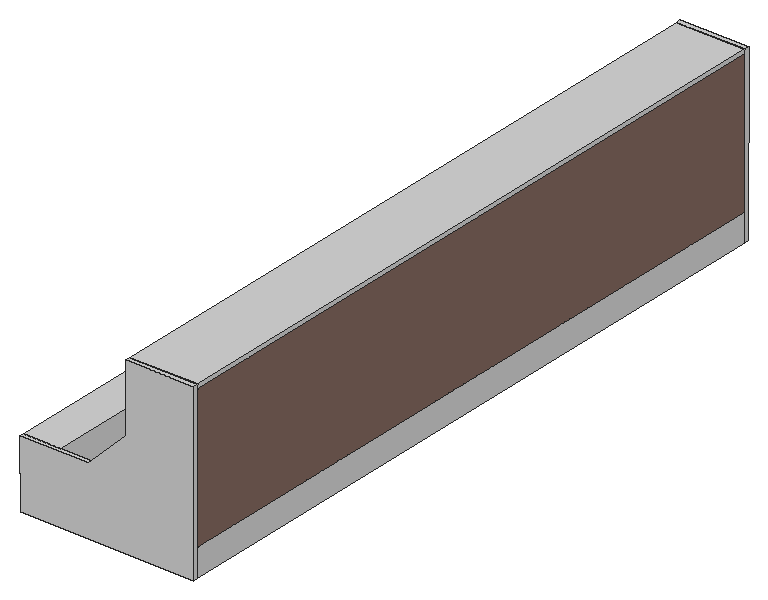
Revit family "MF_INSIDE CORNER 4'_1904143", category Generic Models, Revit 2018
Family settings
  Can host rebar = No
  Round Connector Dimension = Use Diameter
  Part Type = Normal
  OmniClass Number = 35.51.14.00
  OmniClass Title = FORMWORK
  Work Plane-Based = Yes
  Always vertical = No
  Cut with Voids When Loaded = No
  Shared = Yes
  Room Calculation Point = No
Parameters
  VERSION = "20190101"  # constant formula
  URL = "www.ulmaconstruction.com/en"
  UNICLASS = ""
  ITEM_CODE = "1904143"
  Manufacturer = "ULMA CONSTRUCTION"  # constant formula
  FILTER [instance] = ""
  Default Elevation = 0"
  CLASSIFICATION_TITLE = ""
  CLASSIFICATION_NUMBER = ""
Reference planes (in)
  plane 1 "Centro (Frontal/Posterior)": y = 0
  plane 2: z = 0
  plane 3 "Centro (Izquierda/Derecha)": x = 0
  plane 4 "ITEM_HEIGHT": y = 48
Forms (in)
  Extrusion 1, solid, material "ULMA ZINC", detail levels fine
    sketch origin (0, 0, 0) x (1, 0, 0) y (0, 0, 1)
      loop
        line (-4.72435, 12.03937) -> (-4.72435, 9.48036) -> (-2.3217, 9.48036)
        arc (-2.3217, 9.48036) -> (-2.19128, 9.51962) -> (-2.10421, 9.62434) r 0.23626
        line (-2.10421, 9.62434) -> (-1.98199, 9.9124)
        arc (-1.98199, 9.9124) -> (-1.94565, 9.95611) -> (-1.89123, 9.97249) r 0.09859
        line (-1.89123, 9.97249) -> (-1.27952, 9.97249)
        arc (-1.27952, 9.97249) -> (-1.20993, 9.94366) -> (-1.1811, 9.87406) r 0.09843
        line (-1.1811, 9.87406) -> (-1.1811, 9.61816)
        arc (-1.1811, 9.61816) -> (-1.14074, 9.52072) -> (-1.0433, 9.48036) r 0.1378
        line (-1.0433, 9.48036) -> (-0.7874, 9.48036) -> (-0.7874, 11.72966) -> (0, 11.72966) -> (0, 12.03937) -> (-4.72435, 12.03937)
    from -47.68504 to -0.31496
  Extrusion 2, solid, material "ULMA ZINC", detail levels fine
    sketch origin (0, 0, 0) x (0, 0, -1) y (1, 0, 0)
      loop
        line (-4.72435, -12.03937) -> (0, -12.03937) -> (0, -11.72966) -> (-0.7874, -11.72966) -> (-0.7874, -9.48036) -> (-1.0433, -9.48036)
        arc (-1.0433, -9.48036) -> (-1.14074, -9.52072) -> (-1.1811, -9.61816) r 0.1378
        line (-1.1811, -9.61816) -> (-1.1811, -9.87406)
        arc (-1.1811, -9.87406) -> (-1.20993, -9.94366) -> (-1.27952, -9.97249) r 0.09843
        line (-1.27952, -9.97249) -> (-1.89123, -9.97249)
        arc (-1.89123, -9.97249) -> (-1.94565, -9.95611) -> (-1.98199, -9.9124) r 0.09859
        line (-1.98199, -9.9124) -> (-2.10421, -9.62434)
        arc (-2.10421, -9.62434) -> (-2.19128, -9.51962) -> (-2.3217, -9.48036) r 0.23626
        line (-2.3217, -9.48036) -> (-4.72435, -9.48036) -> (-4.72435, -12.03937)
    from -47.68504 to -0.31496
  Extrusion 3, solid, material "ULMA ZINC", detail levels fine
    sketch origin (-28.44404, 13.1811, -5.83792) x (1, 0, 0) y (0, 0, 1)
      loop
        line (23.71963, 10.56227) -> (18.96368, 10.56227) -> (18.96368, 6.62526) -> (25.49127, 6.62526) -> (25.49127, 6.74343) -> (26.81801, 6.74343) -> (26.81801, 7.4639) -> (27.53853, 7.4639) -> (27.53853, 8.79068) -> (27.65664, 8.79068) -> (27.65664, 15.31828) -> (23.71963, 15.31828) -> (23.71963, 10.56227)
    from 0 to 2.3622
  Extrusion 4, solid, material "ULMA ZINC", detail levels fine
    sketch origin (-28.44404, 25.1811, -5.83792) x (1, 0, 0) y (0, 0, 1)
      loop
        line (23.71963, 10.56227) -> (18.96368, 10.56227) -> (18.96368, 6.62526) -> (25.49127, 6.62526) -> (25.49127, 6.74343) -> (26.81801, 6.74343) -> (26.81801, 7.4639) -> (27.53853, 7.4639) -> (27.53853, 8.79068) -> (27.65664, 8.79068) -> (27.65664, 15.31828) -> (23.71963, 15.31828) -> (23.71963, 10.56227)
    from 0 to 2.3622
  Extrusion 5, solid, material "ULMA ZINC", detail levels fine
    sketch origin (-28.44404, 37.1811, -5.83792) x (1, 0, 0) y (0, 0, 1)
      loop
        line (23.71963, 10.56227) -> (18.96368, 10.56227) -> (18.96368, 6.62526) -> (25.49127, 6.62526) -> (25.49127, 6.74343) -> (26.81801, 6.74343) -> (26.81801, 7.4639) -> (27.53853, 7.4639) -> (27.53853, 8.79068) -> (27.65664, 8.79068) -> (27.65664, 15.31828) -> (23.71963, 15.31828) -> (23.71963, 10.56227)
    from 0 to 2.3622
  Extrusion 6, solid, material "ULMA ZINC", detail levels fine
    sketch origin (0, 0, 0) x (1, 0, 0) y (0, 0, 1)
      loop
        line (0, 1.95053) -> (-0.7874, 1.95053) -> (-0.7874, 2.95276) -> (-0.90551, 2.95276) -> (-0.90551, 1.83242) -> (-0.11811, 1.83242) -> (-0.11811, 0.11811) -> (-1.83317, 0.11811) -> (-1.83317, 0.90551) -> (-2.95276, 0.90551) -> (-2.95276, 0.7874) -> (-1.95128, 0.7874) -> (-1.95128, 0) -> (0, 0) -> (0, 1.95053)
    from -47.68504 to -0.31496
  Extrusion 7, solid, material "ULMA ZINC", detail levels fine
    sketch origin (0, 0, 0) x (1, 0, 0) y (0, 0, 1)
      loop
        line (0, 12.03937) -> (-4.72441, 12.03937) -> (-4.72441, 7.31496) -> (-7.31502, 4.72435) -> (-12.03937, 4.72435) -> (-12.03937, 0) -> (0, 0) -> (0, 12.03937)
    from 0 to -0.31496
  Extrusion 8, solid, material "ULMA ZINC", detail levels fine
    sketch origin (0, 47.68504, 0) x (1, 0, 0) y (0, 0, 1)
      loop
        line (0, 12.03937) -> (-4.72441, 12.03937) -> (-4.72441, 7.31496) -> (-7.31502, 4.72435) -> (-12.03937, 4.72435) -> (-12.03937, 0) -> (0, 0) -> (0, 12.03937)
    from 0 to -0.31496
  Extrusion 9, solid, material "ULMA PLYWOOD", detail levels fine
    sketch origin (0, 0, 0) x (0, 1, 0) y (0, 0, 1)
      loop
        line (0.31496, 11.72966) -> (0.31496, 1.95053) -> (47.68504, 1.95053) -> (47.68504, 11.72966) -> (0.31496, 11.72966)
    from 0 to -0.7874
  Extrusion 10, solid, material "ULMA PLYWOOD", detail levels fine
    sketch origin (-13.68094, 0, 0.7874) x (1, 0, 0) y (0, 1, 0)
      loop
        line (11.72966, 0.31496) -> (11.72966, 47.68504) -> (1.95053, 47.68504) -> (1.95053, 0.31496) -> (11.72966, 0.31496)
    from 0 to -0.7874
  Extrusion 11, solid, material "ULMA ZINC", detail levels coarse+medium
    sketch origin (0, 0, 0) x (1, 0, 0) y (0, 0, 1)
      loop
        line (-12.03937, 0) -> (0, 0) -> (0, 12.03937) -> (-4.72441, 12.03937) -> (-4.72441, 4.72435) -> (-12.03937, 4.72435) -> (-12.03937, 0)
    from 0 to -47.68504
  Extrusion 12, solid, material "ULMA ZINC", detail levels fine
    sketch origin (0, -90, 0) x (1, 0, 0) y (0, 1, 0)
      loop
        circle (-3.03931, 105) r 0.74803
    from 9.16539 to 9.48036
  Extrusion 13, solid, material "ULMA ZINC", detail levels fine
    sketch origin (-0.00006, -72, 0) x (1, 0, 0) y (0, 1, 0)
      loop
        circle (-3.03931, 105) r 0.74803
    from 9.16539 to 9.48036
  Extrusion 14, solid, material "ULMA ZINC", detail levels fine
    sketch origin (0, -48, 0) x (0, 1, 0) y (0, 0, 1)
      loop
        circle (81, 3.03937) r 0.74803
    from -9.48036 to -9.16535
  Extrusion 15, solid, material "ULMA ZINC", detail levels fine
    sketch origin (0, -66, 0) x (0, 1, 0) y (0, 0, 1)
      loop
        circle (81, 3.03937) r 0.74803
    from -9.48036 to -9.16535
  Extrusion 16, solid, material "ULMA ZINC", detail levels fine
    sketch origin (0, 0, 0) x (1, 0, 0) y (0, 1, 0)
      loop
        line (-1.77165, 1.29921) -> (-1.77165, 0.31496) -> (-0.7874, 0.31496) -> (-0.7874, 1.29921) -> (-1.77165, 1.29921)
    from 2.95276 to 9.48036
  Extrusion 17, solid, material "ULMA ZINC", detail levels fine
    sketch origin (0, 46.38583, 0) x (1, 0, 0) y (0, 1, 0)
      loop
        line (-1.77165, 1.29921) -> (-1.77165, 0.31496) -> (-0.7874, 0.31496) -> (-0.7874, 1.29921) -> (-1.77165, 1.29921)
    from 2.95276 to 9.48036
  Extrusion 18, solid, material "ULMA ZINC", detail levels fine
    sketch origin (0, 0, 0) x (0, 1, 0) y (0, 0, 1)
      loop
        line (47.68504, 1.77165) -> (46.70079, 1.77165) -> (46.70079, 0.7874) -> (47.68504, 0.7874) -> (47.68504, 1.77165)
    from -2.95276 to -9.48036
  Extrusion 19, solid, material "ULMA ZINC", detail levels fine
    sketch origin (0, -46.38583, 0) x (0, 1, 0) y (0, 0, 1)
      loop
        line (47.68504, 1.77165) -> (46.70079, 1.77165) -> (46.70079, 0.7874) -> (47.68504, 0.7874) -> (47.68504, 1.77165)
    from -2.95276 to -9.48036
Lines and regions (in)
  model lines, style "ULMA PANELS", detail levels fine
    curve 1: circle (-3.14961, 13.1811, 6.03932) r 0.40354 normal (0, -1, 0)
    curve 2: circle (-6.03937, 13.1811, 3.14955) r 0.40354 normal (0, -1, 0)
    curve 3: circle (-3.14961, 10.8189, 6.03932) r 0.40354 normal (0, -1, 0)
    curve 4: circle (-6.03937, 10.8189, 3.14955) r 0.40354 normal (0, -1, 0)
    curve 5: circle (-3.14961, 46.8189, 6.03932) r 0.40354 normal (0, -1, 0)
    curve 6: circle (-3.14961, 0, 6.03932) r 0.3937 normal (0, -1, 0)
    curve 7: circle (-6.03937, 0, 3.14955) r 0.3937 normal (0, -1, 0)
    curve 8: circle (-0.59055, 0, 0.59055) r 0.3937 normal (0, -1, 0)
    curve 9: circle (-3.14961, 48, 6.03932) r 0.3937 normal (0, -1, 0)
    curve 10: circle (-6.03937, 48, 3.14955) r 0.3937 normal (0, -1, 0)
    curve 11: circle (-0.59055, 48, 0.59055) r 0.3937 normal (0, -1, 0)
    curve 12: circle (-3.03931, 15, 12.03937) r 0.43307 normal (0, 0, 1)
    curve 13: circle (-3.03931, 15, 9.16539) r 0.43307 normal (0, 0, 1)
    curve 14: arc (-9.93307, 26.99606, 4.72435) -> (-10.75984, 27.82283, 4.72435) -> (-11.58661, 26.99606, 4.72435) r 0.82677
    curve 15: arc (-11.58661, 26.09055, 4.72435) -> (-10.75984, 25.26378, 4.72435) -> (-9.93307, 26.09055, 4.72435) r 0.82677
    curve 16: circle (-10.75984, 26.54331, 4.72435) r 0.82677 normal (0, 0, 1)
    curve 17: line (-11.58661, 26.99606, 4.72435) -> (-11.58661, 26.09055, 4.72435)
    curve 18: line (-9.93307, 26.99606, 4.72435) -> (-9.93307, 26.09055, 4.72435)
    curve 19: circle (-10.75984, 26.54331, 0) r 0.82677 normal (0, 0, 1)
    curve 20: circle (-4.72441, 26.54331, 10.75984) r 0.82677 normal (1, 0, 0)
    curve 21: arc (-4.72441, 26.09056, 11.58661) -> (-4.72441, 25.26379, 10.75984) -> (-4.72441, 26.09056, 9.93307) r 0.82677
    curve 22: arc (-4.72441, 26.99607, 9.93307) -> (-4.72441, 27.82284, 10.75984) -> (-4.72441, 26.99607, 11.58661) r 0.82677
    curve 23: line (-4.72441, 26.99607, 11.58661) -> (-4.72441, 26.09056, 11.58661)
    curve 24: line (-4.72441, 26.99607, 9.93307) -> (-4.72441, 26.09056, 9.93307)
    curve 25: circle (0, 26.54331, 10.75984) r 0.82677 normal (1, 0, 0)
    curve 26: circle (-3.03937, 33, 12.03937) r 0.43307 normal (0, 0, 1)
    curve 27: circle (-3.03937, 33, 9.16539) r 0.43307 normal (0, 0, 1)
    curve 28: circle (-9.16535, 33, 3.03937) r 0.43307 normal (1, 0, 0)
    curve 29: circle (-9.16535, 15, 3.03937) r 0.43307 normal (1, 0, 0)
    curve 30: circle (-12.03937, 33, 3.03937) r 0.43307 normal (1, 0, 0)
    curve 31: circle (-12.03937, 15, 3.03937) r 0.43307 normal (1, 0, 0)
    curve 32: circle (0, 1.61417, 10.75984) r 0.82677 normal (1, 0, 0)
    curve 33: circle (-10.75984, 1.61417, 0) r 0.82677 normal (0, 0, 1)
    curve 34: circle (-10.75984, 1.61417, 4.72435) r 0.82677 normal (0, 0, 1)
    curve 35: circle (-4.72441, 1.61417, 10.75984) r 0.82677 normal (1, 0, 0)
    curve 37: circle (-3.14961, 37.1811, 6.03932) r 0.40354 normal (0, -1, 0)
    curve 38: circle (-6.03937, 37.1811, 3.14955) r 0.40354 normal (0, -1, 0)
    curve 39: circle (-3.14961, 34.8189, 6.03932) r 0.40354 normal (0, -1, 0)
    curve 40: circle (-6.03937, 34.8189, 3.14955) r 0.40354 normal (0, -1, 0)
    curve 41: circle (-3.14961, 47.68504, 6.03932) r 0.3937 normal (0, -1, 0)
    curve 42: circle (-6.03937, 47.68504, 3.14955) r 0.3937 normal (0, -1, 0)
    curve 43: circle (-0.59055, 47.68504, 0.59055) r 0.3937 normal (0, -1, 0)
    curve 44: circle (-3.14961, 0.31496, 6.03932) r 0.3937 normal (0, -1, 0)
    curve 45: circle (-6.03937, 0.31496, 3.14955) r 0.3937 normal (0, -1, 0)
    curve 46: circle (-0.59055, 0.31496, 0.59055) r 0.3937 normal (0, -1, 0)
  model lines, style "ULMA PANELS"
    curve 36: circle (0, 1.61417, 10.75984) r 0.82677 normal (1, 0, 0)
Dimensions and locks (in)
  aligned and locked: level to plane 2
